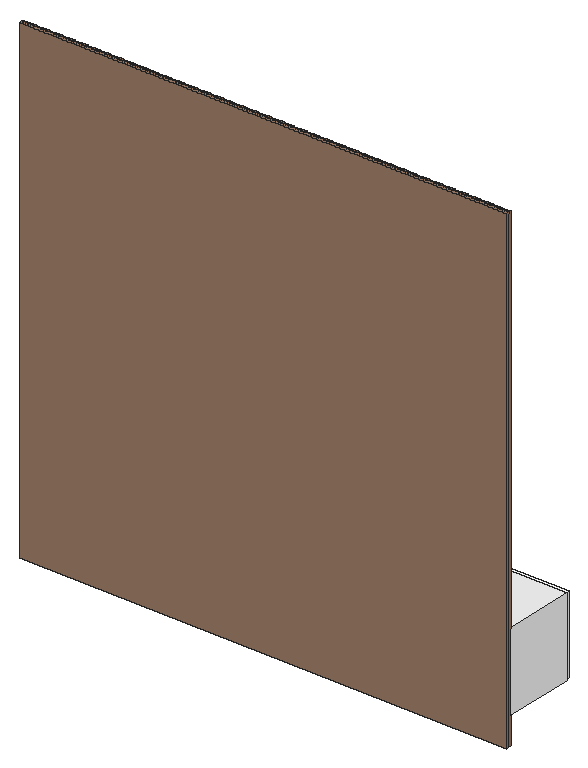
Revit family "Home TV Branco e Madeira", category Sistema de mobiliário, Revit 2021
Family settings
  Cota do conector redondo = Utilizar diâmetro
  Tipo de parte = Normal
  Com base no plano de trabalho = Não
  Sempre na vertical = Sim
  Corte com vazios quando carregada = Não
  Compartilhado = Não
  Ponto de cálculo do ambiente = Não
Parameters
  Madeira = madeira escura
  Laca branca = Laca branca
  Elevação padrão = 0.00 m
Reference planes (m)
  plane 1 "Centro (Frente/Trás)": y = 0
  plane 2: z = 0
  plane 3 "Centro (Esquerda/Direita)": x = 0
Forms (m)
  Extrusion 1, solid, material "Laca branca" <- "Laca branca"
    sketch origin (3.275, 0.0425, 3.05) x (1, 0, 0) y (0, 0, -1)
      loop
        line (-3.275, 2.875) -> (-3.275, 2.375) -> (-0.175, 2.375) -> (-0.175, 2.875) -> (-3.275, 2.875)
      loop
        line (-1.205, 2.393) -> (-1.205, 2.623) -> (-2.235, 2.623) -> (-2.235, 2.393) -> (-1.205, 2.393)
      loop
        line (-0.193, 2.393) -> (-0.193, 2.857) -> (-1.187, 2.857) -> (-1.187, 2.393) -> (-0.193, 2.393)
      loop
        line (-1.205, 2.647515) -> (-1.205, 2.857) -> (-2.235, 2.857) -> (-2.235, 2.647515) -> (-1.205, 2.647515)
      loop
        line (-2.253, 2.393) -> (-2.253, 2.857) -> (-3.257, 2.857) -> (-3.257, 2.393) -> (-2.253, 2.393)
    from 0 to 0.45
  Extrusion 2, solid, material "Laca branca" <- "Laca branca"
    sketch origin (3.275, 0.4925, 3.05) x (1, 0, 0) y (0, 0, -1)
      loop
        line (-0.18, 2.375) -> (-0.18, 2.87) -> (-1.2, 2.87) -> (-1.2, 2.375) -> (-0.18, 2.375)
      loop
        line (-2.235, 2.87) -> (-2.235, 2.623) -> (-1.205, 2.623) -> (-1.205, 2.87) -> (-2.235, 2.87)
      loop
        line (-3.27, 2.87) -> (-3.27, 2.375) -> (-2.24, 2.375) -> (-2.24, 2.87) -> (-3.27, 2.87)
    from 0 to 0.018
  Extrusion 3, solid, material "madeira escura" <- "Madeira"
    sketch origin (-0.011, 0.03, 3.05) x (1, 0, 0) y (0, 0, -1)
      loop
        line (3.111, 0) -> (3.111, 3.05) -> (3.086, 3.05) -> (3.086, 0) -> (3.111, 0)
      loop
        line (3.081, 0) -> (3.081, 3.05) -> (3.045, 3.05) -> (3.045, 0) -> (3.081, 0)
      loop
        line (3.04, 0) -> (3.04, 3.05) -> (3.004, 3.05) -> (3.004, 0) -> (3.04, 0)
      loop
        line (2.999, 0) -> (2.999, 3.05) -> (2.963, 3.05) -> (2.963, 0) -> (2.999, 0)
      loop
        line (2.958, 0) -> (2.958, 3.05) -> (2.922, 3.05) -> (2.922, 0) -> (2.958, 0)
      loop
        line (2.917, 0) -> (2.917, 3.05) -> (2.881, 3.05) -> (2.881, 0) -> (2.917, 0)
      loop
        line (2.876, 0) -> (2.876, 3.05) -> (2.84, 3.05) -> (2.84, 0) -> (2.876, 0)
      loop
        line (2.835, 0) -> (2.835, 3.05) -> (2.799, 3.05) -> (2.799, 0) -> (2.835, 0)
      loop
        line (2.794, 0) -> (2.794, 3.05) -> (2.758, 3.05) -> (2.758, 0) -> (2.794, 0)
      loop
        line (2.753, 0) -> (2.753, 3.05) -> (2.717, 3.05) -> (2.717, 0) -> (2.753, 0)
      loop
        line (2.712, 0) -> (2.712, 3.05) -> (2.676, 3.05) -> (2.676, 0) -> (2.712, 0)
      loop
        line (2.671, 0) -> (2.671, 3.05) -> (2.635, 3.05) -> (2.635, 0) -> (2.671, 0)
      loop
        line (2.63, 0) -> (2.63, 3.05) -> (2.594, 3.05) -> (2.594, 0) -> (2.63, 0)
      loop
        line (2.589, 0) -> (2.589, 3.05) -> (2.553, 3.05) -> (2.553, 0) -> (2.589, 0)
      loop
        line (2.548, 0) -> (2.548, 3.05) -> (2.512, 3.05) -> (2.512, 0) -> (2.548, 0)
      loop
        line (2.507, 0) -> (2.507, 3.05) -> (2.471, 3.05) -> (2.471, 0) -> (2.507, 0)
      loop
        line (2.466, 0) -> (2.466, 3.05) -> (2.43, 3.05) -> (2.43, 0) -> (2.466, 0)
      loop
        line (2.425, 0) -> (2.425, 3.05) -> (2.389, 3.05) -> (2.389, 0) -> (2.425, 0)
      loop
        line (2.384, 0) -> (2.384, 3.05) -> (2.348, 3.05) -> (2.348, 0) -> (2.384, 0)
      loop
        line (2.343, 0) -> (2.343, 3.05) -> (2.307, 3.05) -> (2.307, 0) -> (2.343, 0)
      loop
        line (2.302, 0) -> (2.302, 3.05) -> (2.266, 3.05) -> (2.266, 0) -> (2.302, 0)
      loop
        line (2.261, 0) -> (2.261, 3.05) -> (2.225, 3.05) -> (2.225, 0) -> (2.261, 0)
      loop
        line (2.22, 0) -> (2.22, 3.05) -> (2.184, 3.05) -> (2.184, 0) -> (2.22, 0)
      loop
        line (2.179, 0) -> (2.179, 3.05) -> (2.143, 3.05) -> (2.143, 0) -> (2.179, 0)
      loop
        line (2.138, 0) -> (2.138, 3.05) -> (2.102, 3.05) -> (2.102, 0) -> (2.138, 0)
      loop
        line (2.097, 0) -> (2.097, 3.05) -> (2.061, 3.05) -> (2.061, 0) -> (2.097, 0)
      loop
        line (2.056, 0) -> (2.056, 3.05) -> (2.02, 3.05) -> (2.02, 0) -> (2.056, 0)
      loop
        line (2.015, 0) -> (2.015, 3.05) -> (1.979, 3.05) -> (1.979, 0) -> (2.015, 0)
      loop
        line (1.974, 0) -> (1.974, 3.05) -> (1.938, 3.05) -> (1.938, 0) -> (1.974, 0)
      loop
        line (1.933, 0) -> (1.933, 3.05) -> (1.897, 3.05) -> (1.897, 0) -> (1.933, 0)
      loop
        line (1.892, 0) -> (1.892, 3.05) -> (1.856, 3.05) -> (1.856, 0) -> (1.892, 0)
      loop
        line (1.851, 0) -> (1.851, 3.05) -> (1.815, 3.05) -> (1.815, 0) -> (1.851, 0)
      loop
        line (1.81, 0) -> (1.81, 3.05) -> (1.774, 3.05) -> (1.774, 0) -> (1.81, 0)
      loop
        line (1.769, 0) -> (1.769, 3.05) -> (1.733, 3.05) -> (1.733, 0) -> (1.769, 0)
      loop
        line (1.728, 0) -> (1.728, 3.05) -> (1.692, 3.05) -> (1.692, 0) -> (1.728, 0)
      loop
        line (1.687, 0) -> (1.687, 3.05) -> (1.651, 3.05) -> (1.651, 0) -> (1.687, 0)
      loop
        line (1.646, 0) -> (1.646, 3.05) -> (1.61, 3.05) -> (1.61, 0) -> (1.646, 0)
      loop
        line (1.605, 0) -> (1.605, 3.05) -> (1.569, 3.05) -> (1.569, 0) -> (1.605, 0)
      loop
        line (1.564, 0) -> (1.564, 3.05) -> (1.528, 3.05) -> (1.528, 0) -> (1.564, 0)
      loop
        line (1.523, 0) -> (1.523, 3.05) -> (1.487, 3.05) -> (1.487, 0) -> (1.523, 0)
      loop
        line (1.482, 0) -> (1.482, 3.05) -> (1.446, 3.05) -> (1.446, 0) -> (1.482, 0)
      loop
        line (1.441, 0) -> (1.441, 3.05) -> (1.405, 3.05) -> (1.405, 0) -> (1.441, 0)
      loop
        line (1.4, 0) -> (1.4, 3.05) -> (1.364, 3.05) -> (1.364, 0) -> (1.4, 0)
      loop
        line (1.359, 0) -> (1.359, 3.05) -> (1.323, 3.05) -> (1.323, 0) -> (1.359, 0)
      loop
        line (1.318, 0) -> (1.318, 3.05) -> (1.282, 3.05) -> (1.282, 0) -> (1.318, 0)
      loop
        line (1.277, 0) -> (1.277, 3.05) -> (1.241, 3.05) -> (1.241, 0) -> (1.277, 0)
      loop
        line (1.236, 0) -> (1.236, 3.05) -> (1.2, 3.05) -> (1.2, 0) -> (1.236, 0)
      loop
        line (1.195, 0) -> (1.195, 3.05) -> (1.159, 3.05) -> (1.159, 0) -> (1.195, 0)
      loop
        line (1.154, 0) -> (1.154, 3.05) -> (1.118, 3.05) -> (1.118, 0) -> (1.154, 0)
      loop
        line (1.113, 0) -> (1.113, 3.05) -> (1.077, 3.05) -> (1.077, 0) -> (1.113, 0)
      loop
        line (1.072, 0) -> (1.072, 3.05) -> (1.036, 3.05) -> (1.036, 0) -> (1.072, 0)
      loop
        line (1.031, 0) -> (1.031, 3.05) -> (0.995, 3.05) -> (0.995, 0) -> (1.031, 0)
      loop
        line (0.99, 0) -> (0.99, 3.05) -> (0.954, 3.05) -> (0.954, 0) -> (0.99, 0)
      loop
        line (0.949, 0) -> (0.949, 3.05) -> (0.913, 3.05) -> (0.913, 0) -> (0.949, 0)
      loop
        line (0.908, 0) -> (0.908, 3.05) -> (0.872, 3.05) -> (0.872, 0) -> (0.908, 0)
      loop
        line (0.867, 0) -> (0.867, 3.05) -> (0.831, 3.05) -> (0.831, 0) -> (0.867, 0)
      loop
        line (0.826, 0) -> (0.826, 3.05) -> (0.79, 3.05) -> (0.79, 0) -> (0.826, 0)
      loop
        line (0.785, 0) -> (0.785, 3.05) -> (0.749, 3.05) -> (0.749, 0) -> (0.785, 0)
      loop
        line (0.744, 0) -> (0.744, 3.05) -> (0.708, 3.05) -> (0.708, 0) -> (0.744, 0)
      loop
        line (0.703, 0) -> (0.703, 3.05) -> (0.667, 3.05) -> (0.667, 0) -> (0.703, 0)
      loop
        line (0.662, 0) -> (0.662, 3.05) -> (0.626, 3.05) -> (0.626, 0) -> (0.662, 0)
      loop
        line (0.621, 0) -> (0.621, 3.05) -> (0.585, 3.05) -> (0.585, 0) -> (0.621, 0)
      loop
        line (0.58, 0) -> (0.58, 3.05) -> (0.544, 3.05) -> (0.544, 0) -> (0.58, 0)
      loop
        line (0.539, 0) -> (0.539, 3.05) -> (0.503, 3.05) -> (0.503, 0) -> (0.539, 0)
      loop
        line (0.498, 0) -> (0.498, 3.05) -> (0.462, 3.05) -> (0.462, 0) -> (0.498, 0)
      loop
        line (0.457, 0) -> (0.457, 3.05) -> (0.421, 3.05) -> (0.421, 0) -> (0.457, 0)
      loop
        line (0.416, 0) -> (0.416, 3.05) -> (0.38, 3.05) -> (0.38, 0) -> (0.416, 0)
      loop
        line (0.375, 0) -> (0.375, 3.05) -> (0.339, 3.05) -> (0.339, 0) -> (0.375, 0)
      loop
        line (0.334, 0) -> (0.334, 3.05) -> (0.298, 3.05) -> (0.298, 0) -> (0.334, 0)
      loop
        line (0.293, 0) -> (0.293, 3.05) -> (0.257, 3.05) -> (0.257, 0) -> (0.293, 0)
      loop
        line (0.252, 0) -> (0.252, 3.05) -> (0.216, 3.05) -> (0.216, 0) -> (0.252, 0)
      loop
        line (0.211, 0) -> (0.211, 3.05) -> (0.175, 3.05) -> (0.175, 0) -> (0.211, 0)
      loop
        line (0.17, 0) -> (0.17, 3.05) -> (0.134, 3.05) -> (0.134, 0) -> (0.17, 0)
      loop
        line (0.129, 0) -> (0.129, 3.05) -> (0.093, 3.05) -> (0.093, 0) -> (0.129, 0)
      loop
        line (0.088, 0) -> (0.088, 3.05) -> (0.052, 3.05) -> (0.052, 0) -> (0.088, 0)
      loop
        line (0.047, 0) -> (0.047, 3.05) -> (0.011, 3.05) -> (0.011, 0) -> (0.047, 0)
    from 0 to 0.0125
  Extrusion 4, solid, material "madeira escura" <- "Madeira"
    sketch origin (4.215306, 10.580843, 0) x (1, 0, 0) y (0, 1, 0)
      loop
        line (-4.215306, -10.568843) -> (-1.115306, -10.568843) -> (-1.115306, -10.550843) -> (-4.215306, -10.550843) -> (-4.215306, -10.568843)
    from 0 to 3.05
  Extrusion 5, void
    sketch origin (3.095, 0.4925, 0.617) x (0, 0, -1) y (0, -1, 0)
      loop
        line (-0.058, -0.018) -> (-0.04, 0) -> (-0.058, 0) -> (-0.058, -0.018)
    from 0 to 3.09
  Extrusion 6, void
    sketch origin (2.07, 0.4925, 0.204515) x (0, 0, -1) y (0, -1, 0)
      loop
        line (-0.222485, -0.018) -> (-0.204485, 0) -> (-0.222485, 0) -> (-0.222485, -0.018)
    from 0 to 1.03
Cuts and joins
  Extrusion 5 cuts Extrusion 1
  Extrusion 5, Extrusion 6 cuts Extrusion 2
Dimensions and locks (m)
  aligned and locked: level to plane 2
